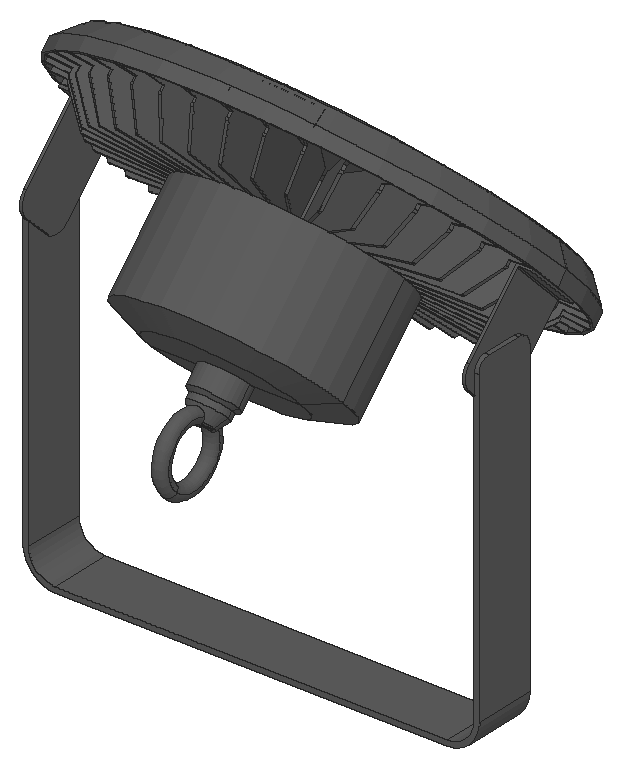
Revit family "0039350+0039353 Feilo Sylvania Lighting Fixture START HIGHBAY 6K 13KLM WIDE with BRACKET", category Lighting Fixtures, host Face, Revit 2017
Family settings
  Host = Face
  Round Connector Dimension = Use Diameter
  Part Type = Normal
  OmniClass Number = 23.80.70.00
  OmniClass Title = Lighting
  Cut with Voids When Loaded = No
  Light Source = No
  Shared = No
  Room Calculation Point = No
Parameters (values of type "0039350+0039353 START HIGHBAY 6K 13KLM WIDE with BRACKET     ")
  Weight = "3.0 kg"
  Wattage Comments = ""
  WarrantyStartDate [instance] = "n/a"
  WarrantyGuarantorParts = "n/a"
  WarrantyDurationUnit = "n/a"
  WarrantyDurationParts = "n/a"
  WarrantyDescription = "n/a"
  Voltage = 230 V
  URL = "http://www.sylvania-lighting.com"
  TypeName = "START HIGHBAY 6K 13KLM WIDE with BRACKET"
  TypeHead_FEILO = Start LED Highbay Head : 0039350+0039353 START HIGHBAY 6K 13KLM WIDE with BRACKET     
  Type Image = <None>
  Type Comments = "n/a"
  TiltAngle_FEILO [instance] = 45.00°
  ThicknessBracketPlate_FEILO = 3 mm
  SizeBracketS_FEILO = yes
  SizeBracketM_FEILO = no
  SerialNumber [instance] = "n/a"
  RadiusBracketTop_FEILO = 7 mm
  RadiusBendOut_FEILO = if(SizeBracketS_FEILO, 18 mm, if(SizeBracketM_FEILO, 24 mm, 28 mm))  # 18 mm
  RadiusBendIn_FEILO = RadiusBendOut_FEILO - ThicknessBracketPlate_FEILO  # 15 mm
  Material_3_FEILO = none
  PowerFactor = 0.95
  PowerConsumption = "100 W"
  NominalLength = 270 mm
  NominalHeight = 170 mm
  NominalDepth = 270 mm
  Name = "START HIGHBAY 6K 13KLM WIDE with BRACKET"
  ModelReference = Name  # "START HIGHBAY 6K 13KLM WIDE with BRACKET"
  ModelNumber = "0039350+0039353"
  Model = Name  # "START HIGHBAY 6K 13KLM WIDE with BRACKET"
  Material = "aluminium alloy housing, polycarbonate diffuser"
  ManufacturerName = "Feilo Sylvania"
  Manufacturer = "Feilo Sylvania"
  LuminousEfficacy = "130 lm/W"
  LuminaireType = ""
  LightOutputRatio = "n/a"
  LampsType = Lamp  # "LED"
  LampNominalLuminous = "13000 lm"
  LampMacAdamStep = "n/a"
  LampColourTemperature = "6500 K"
  LampColourRenderingIndex = "80"
  Lamp = "LED"
  Keynote = "16500"
  InstallationDate [instance] = "n/a"
  InputVoltage = "220-240V~"
  InputNominalFrequency = "50/60 Hz"
  IngressProtection = "IP65"
  ImpactProtectionIndex = "IK08"
  IfcExportType = "IfcLightFixtureType"
  IfcExportAs = "IfcLightFixtureType"
  ExpectedLife = 50000
  EndAngle_FEILO [instance] = TiltAngle_FEILO + 180.00°  # 225.00°
  ElectricShockClassification = "Class I"
  DurationUnit = "hours"
  DocumentationLiterature = "http://www.sylvania-lighting.com/product/en-int/products/0039350"
  DimmingControlOptions = "n/a"
  Material_2_FEILO = none
  Description = "START HIGHBAY, includes 1 m cables, black aluminium housing, 13000LM, 100W, 130lm/W, 6500K, Driver current: 2140mA, CR80, 60° beam angle, 1-10V dimmable,  IP65, IK08, 50,000 hrs (L70B50), (LxWxH) 270x270x170mm"
  Default Elevation = 1219.2 mm
  CreatedOn = "2/28/2018"
  CreatedBy = ""
  Cost = 0
  built-in parameter 1114216 [instance] = (empty or 0)
  ClassificationValue = "EF_70_80"
  ClassificationName = "Uniclass2015"
  Material_1_FEILO = Body-Sylvania-StartHighbay-Black
  BracketHeight_FEILO = if(SizeBracketS_FEILO, 199.5 mm, if(SizeBracketM_FEILO, 209.6 mm, 201.3 mm))  # 199.5 mm
  BracketDistanceInner_FEILO = if(SizeBracketS_FEILO, 249.4 mm, if(SizeBracketM_FEILO, 273.6 mm, 313.2 mm))  # 249.4 mm
  BarCode [instance] = "n/a"
  AssetType = "Fixed"
  AssetIdentifier [instance] = "n/a"
  Assembly Code = "D5020200"
  Apparent Load = 100 VA
  Material_4_FEILO = none
Reference planes
  plane 1 "Center (Front/Back)": y = 0
  plane 2: z = 0
  plane 3 "Center (Left/Right)": x = 0
  plane 4: x = -127.7
  plane 5: x = 127.7
  plane 6: z = 199.5
  plane 7: x = -124.7
  plane 8: z = 3
  plane 9: x = 124.7
  plane 10: y = 17.5
  plane 11: y = -17.5
  plane 12: y = -19.5
  plane 13: z = 201.5
  plane 14: y = 19.5
  plane 15: z = 190.5
Forms (mm)
  Extrusion 1, solid, material "Body-Sylvania-StartHighbay-Black" <- "Material_1_FEILO"
    sketch origin (0, 0, 0) x (1, 0, 0) y (0, 0, 1)
      loop
        line (-127.7, 199.5) -> (-127.7, 18)
        arc (-127.7, 18) -> (-122.428, 5.272) -> (-109.7, 0) r 18
        line (-109.7, 0) -> (109.7, 0)
        arc (109.7, 0) -> (122.428, 5.272) -> (127.7, 18) r 18
        line (127.7, 18) -> (127.7, 199.5) -> (124.7, 199.5) -> (124.7, 18)
        arc (124.7, 18) -> (120.307, 7.393) -> (109.7, 3) r 15
        line (109.7, 3) -> (-109.7, 3)
        arc (-109.7, 3) -> (-120.307, 7.393) -> (-124.7, 18) r 15
        line (-124.7, 18) -> (-124.7, 199.5) -> (-127.7, 199.5)
    from -17.5 to 17.5
  Extrusion 2, void
    sketch origin (0, 0, 0) x (0, 1, 0) y (0, 0, 1)
      loop
        arc (10.5, 199.5) -> (15.45, 197.45) -> (17.5, 192.5) r 7
        line (17.5, 192.5) -> (19.5, 192.5) -> (19.5, 201.5) -> (-19.5, 201.5) -> (-19.5, 192.5) -> (-17.5, 192.5)
        arc (-17.5, 192.5) -> (-15.45, 197.45) -> (-10.5, 199.5) r 7
        line (-10.5, 199.5) -> (10.5, 199.5)
    from -127.7 to 127.7
  Revolve 3, solid, not visible
    sketch origin (1223.4, -4572, 190.5) x (0, -1, 0) y (1, 0, 0)
      loop
        line (-4572, -1223.4) -> (-4591.5, -1223.4) -> (-4591.5, -1277.783) -> (-4572, -1277.783) -> (-4572, -1223.4)
      axis (-4572, -1223.4) -> (-4572, -1277.783)
    angle from 45 <- "TiltAngle_FEILO" to 225 <- "EndAngle_FEILO"
Cuts and joins
  Extrusion 2 cuts Extrusion 1
Dimensions and locks
  "BracketHeight_FEILO": plane 6 to plane 2
  equal spacing: plane 11, plane 1 "Center (Front/Back)", plane 10
  locked: plane 11 to plane 10 at 35
  equal spacing: plane 9, plane 3 "Center (Left/Right)", plane 7
  "BracketDistanceInner_FEILO": plane 9 to plane 7
  "ThicknessBracketPlate_FEILO": plane 7 to plane 4
  "ThicknessBracketPlate_FEILO": plane 8 to plane 2
  equal spacing: plane 5, plane 3 "Center (Left/Right)", plane 4
  equal spacing: plane 12, plane 1 "Center (Front/Back)", plane 14
  locked: plane 6 to plane 13 at 2
  locked: plane 12 to plane 11 at 2
  locked: plane 6 to plane 15 at 9
  "RadiusBendOut_FEILO": radius of Extrusion 1 sketch curve  (x2)
  "RadiusBendIn_FEILO": radius of Extrusion 1 sketch curve  (x2)
  "RadiusBracketTop_FEILO": radius of Extrusion 2 sketch curve  (x2)
  aligned and locked: plane 2 to host face
  aligned and locked: level to host face
  aligned and locked: Extrusion 1 sketch curve to plane 4
  aligned and locked: Extrusion 1 sketch curve to level
  aligned and locked: plane 6 to Extrusion 1 sketch curve
  aligned and locked: Extrusion 1 sketch curve to plane 6
  aligned and locked: Extrusion 1 sketch curve to plane 7
  aligned and locked: plane 9 to Extrusion 1 sketch curve
  aligned and locked: plane 8 to Extrusion 1 sketch curve
  aligned and locked: Extrusion 1 to plane 10
  aligned and locked: plane 11 to Extrusion 1
  aligned and locked: Extrusion 1 to Extrusion 2 sketch curve
  aligned and locked: plane 14 to Extrusion 2 sketch curve  (x2)
  aligned and locked: Extrusion 2 sketch curve to plane 12
  aligned and locked: plane 13 to Extrusion 2 sketch curve
  aligned and locked: plane 5 to Extrusion 2
  aligned and locked: Extrusion 2 to plane 4
  aligned and locked: Revolve 3 sketch curve to plane 1 "Center (Front/Back)"
  aligned and locked: Revolve 3 sketch curve to Revolve 3 sketch curve
  aligned and locked: plane 3 "Center (Left/Right)" to Revolve 3 sketch curve
  aligned and locked: Revolve 3 sketch curve to plane 14
  aligned and locked: nested 1 to plane 3 "Center (Left/Right)"
Automatic sketch dimensions
  host sketch curve to host sketch curve = 2438.4 mm  (x2)
  Revolve 3 sketch curve to Revolve 3 sketch curve = 54.383 mm
  Revolve 3 sketch curve to plane 4 = 1396.3 mm
  plane 5 to Revolve 3 sketch curve = 1396.3 mm
  Extrusion 1 sketch curve to Extrusion 1 sketch curve = 0 mm
  Extrusion 2 sketch curve to plane 11 = 0 mm
  Extrusion 2 sketch curve to plane 10 = 0 mm
Nested families
  nested 1: "Start LED Highbay Head" at (0, 0, 190.5) x (-1, 0, 0) z (0, 0.7071, 0.7071), type <- "TypeHead_FEILO", type "0039350+0039353 START HIGHBAY 6K 13KLM WIDE with BRACKET     "
    with built-in parameter 1114216 (empty or 0)
Connectors
  electrical at (0, 0, 0), driven by "Apparent Load", driven by "PowerFactor", driven by "Voltage"
    settings: index 1, voltage 230 V, apparent load 100 VA, apparent load phase1 0 VA, apparent load phase2 0 VA, apparent load phase3 0 VA, power factor 0.95, load classification "Lighting", number of poles 1, system type 30, power factor state 1, is connector primary yes, connector utility no, sub classification motor no, connector description ""
Definition of nested family "Start LED Highbay Head"
  Parameters (values of type "0039351+0039354+0039358 START HIGHBAY 6K 19KLM WIDE with BRACKET and PC LAMPSHADE TRANSPARENT ")
    X_FEILO = if(SizeS_FEILO, 60.3 mm, if(SizeM_FEILO, 70.4 mm, 83.5 mm))  # 70.4 mm
    WidthStraight_FEILO = if(SizeS_FEILO, 3 mm, if(SizeM_FEILO, 4 mm, 4.7 mm))  # 4 mm
    WidthRingChamfer_FEILO = if(SizeS_FEILO, 10.3 mm, if(SizeM_FEILO, 11.2 mm, 12.9 mm))  # 11.2 mm
    WidthCurved_FEILO = if(SizeS_FEILO, 17.4 mm, if(SizeM_FEILO, 16.4 mm, 26.2 mm))  # 16.4 mm
    WidthCurvedRing_FEILO = if(SizeS_FEILO, 3 mm, if(SizeM_FEILO, 4 mm, 4.7 mm))  # 4 mm
    WidthBracket_FEILO = 40 mm
    Wattage Comments = ""
    Wattage = 150 W
    built-in parameter 1150110 = 1 (stored number, unit not read)
    URL = "http://www.feilosylvania.com"
    Type Image = (empty or 0)
    Type Comments = "n/a"
    built-in parameter 1114217 = 1 (stored number, unit not read)
    Tilt Angle = -90.00°
    ThicknessWall_FEILO = 1.5 mm
    ThicknessBracket_FEILO = 1.5 mm
    ThicknessBracketHalf_FEILO = ThicknessBracket_FEILO / 2  # 0.75 mm
    built-in parameter 1150109 = 1 (stored number, unit not read)
    built-in parameter 1150134 = 1
    built-in parameter 1150113 = 1 (stored number, unit not read)
    SizeS_FEILO = no
    SizeM_FEILO = yes
    ShadeThickness_FEILO = 3 mm
    ShadeSizeSM_FEILO = or(SizeS_FEILO, SizeM_FEILO)  # yes
    ShadeRadiusOut_FEILO = 205 mm
    ShadeRadiusIn_FEILO = if(ShadeSizeSM_FEILO, 95 mm, 121 mm)  # 95 mm
    ShadeRadiusBend_FEILO = if(ShadeSizeSM_FEILO, 210 mm, 210 mm)  # 210 mm
    ShadeOn_FEILO = yes
    ShadeHeight_FEILO = if(ShadeSizeSM_FEILO, 120 mm, 151 mm)  # 120 mm
    Rib4_FEILO = if(SizeS_FEILO, 18.1 mm, if(SizeM_FEILO, 13.6 mm, 14.6 mm))  # 13.6 mm
    Rib3_FEILO = if(SizeS_FEILO, 15.3 mm, if(SizeM_FEILO, 17.6 mm, 20.2 mm))  # 17.6 mm
    Rib2_FEILO = if(SizeS_FEILO, 3.6 mm, if(SizeM_FEILO, 3.9 mm, 4.5 mm))  # 3.9 mm
    Rib1_FEILO = if(SizeS_FEILO, 15.1 mm, if(SizeM_FEILO, 16.5 mm, 19 mm))  # 16.5 mm
    RadiusDiffuser_FEILO = if(SizeS_FEILO, 95.2 mm, if(SizeM_FEILO, 105.3 mm, 120 mm))  # 105.3 mm
    RadiusArrayPost_FEILO = DriverRadius_FEILO - 6 mm  # 61.2 mm
    RHRadius3_FEILO = if(SizeS_FEILO, 6.6 mm, if(SizeM_FEILO, 7.4 mm, 8.6 mm))  # 7.4 mm
    RHRadius2_FEILO = if(SizeS_FEILO, 11 mm, if(SizeM_FEILO, 12 mm, 14 mm))  # 12 mm
    RHRadius1_FEILO = if(SizeS_FEILO, 13.6 mm, if(SizeM_FEILO, 14.9 mm, 17.7 mm))  # 14.9 mm
    RHHeight4_FEILO = if(SizeS_FEILO, 7.3 mm, if(SizeM_FEILO, 8 mm, 9.2 mm))  # 8 mm
    RHHeight3_FEILO = if(SizeS_FEILO, 3.6 mm, if(SizeM_FEILO, 3.7 mm, 4.6 mm))  # 3.7 mm
    RHHeight2_FEILO = if(SizeS_FEILO, 2 mm, if(SizeM_FEILO, 2.2 mm, 2.6 mm))  # 2.2 mm
    RHHeight1_FEILO = if(SizeS_FEILO, 11.8 mm, if(SizeM_FEILO, 15.3 mm, 17.4 mm))  # 15.3 mm
    Photometric Web File = "0039351+0039358.ies"
    Material_5_FEILO = none
    Material_3_FEILO = none
    Model = "START HIGHBAY 6K 19KLM WIDE with BRACKET and PC LAMPSHADE TRANSPARENT"
    Manufacturer = "Feilo Sylvania"
    built-in parameter 1150105 = 10854.2 (stored number, unit not read)
    Lumens = 19500 lm
    built-in parameter 1150115 = 1 (stored number, unit not read)
    built-in parameter 1150137 = (empty or 0)
    built-in parameter 1150139 = (empty or 0)
    built-in parameter 1150112 = 1 (stored number, unit not read)
    built-in parameter 1150114 = 1 (stored number, unit not read)
    Lamp = "LED"
    Keynote = "16500"
    built-in parameter 1150132 = (empty or 0)
    built-in parameter 1150102 = (empty or 0)
    built-in parameter 1150107 = 6500 (stored number, unit not read)
    built-in parameter 1150138 = (empty or 0)
    built-in parameter 1150106 = 108.54 (stored number, unit not read)
    HeightRing_FEILO = if(SizeS_FEILO, 19.8 mm, if(SizeM_FEILO, 32 mm, 36.8 mm))  # 32 mm
    HeightRingChamfer_FEILO = if(SizeS_FEILO, 11.7 mm, if(SizeM_FEILO, 23.2 mm, 26.6 mm))  # 23.2 mm
    EyeThickness_FEILO = if(SizeS_FEILO, 8.4 mm, if(SizeM_FEILO, 9.2 mm, 10.5 mm))  # 9.2 mm
    EyeThicknessHalf_FEILO = EyeThickness_FEILO / 2  # 4.6 mm
    EyeInner_FEILO = if(SizeS_FEILO, 13.8 mm, if(SizeM_FEILO, 15.1 mm, 17.3 mm))  # 15.1 mm
    Emit from Circle Diameter = RadiusDiffuser_FEILO * 2  # 210.6 mm
    Emit Shape Visible in Rendering = no
    built-in parameter 1150104 = 12.077 (stored number, unit not read)
    DriverVerticalStraight_FEILO = if(SizeS_FEILO, 46.5 mm, if(SizeM_FEILO, 49.7 mm, 57 mm))  # 49.7 mm
    DriverVerticalChamfer_FEILO = if(SizeS_FEILO, 7.5 mm, if(SizeM_FEILO, 8.2 mm, 9.5 mm))  # 8.2 mm
    DriverRadius_FEILO = if(SizeS_FEILO, 61.4 mm, if(SizeM_FEILO, 67.2 mm, 76.4 mm))  # 67.2 mm
    DriverRadiusTop_FEILO = if(SizeS_FEILO, 42 mm, if(SizeM_FEILO, 45.3 mm, 52.4 mm))  # 45.3 mm
    DriverBottom_FEILO = if(SizeS_FEILO, 56 mm, if(SizeM_FEILO, 64.5 mm, 74 mm))  # 64.5 mm
    Material_2_FEILO = none
    Radius_FEILO = if(SizeS_FEILO, 135 mm, if(SizeM_FEILO, 148 mm, 169.5 mm))  # 148 mm
    Dimming Lamp Color Temperature Shift = (empty or 0)
    DiameterWire_FEILO = 3 mm
    DiameterWireSupport_FEILO = 10 mm
    Description = "START HIGHBAY, includes 1 m cables, black aluminium housing, 19500LM, 150W, 130lm/W, 6500K, Driver current: 2140mA, CR80, 60° beam angle, 1-10V dimmable,  IP65, IK08, 50,000 hrs (L70B50), (LxWxH) 296x296x177mm"
    Default Elevation = 1219.2 mm
    Cost = 0
    Color Filter = 16777215
    built-in parameter 1114216 [instance] = (empty or 0)
    Material_1_FEILO = none
    built-in parameter 1114218 = 1 (stored number, unit not read)
    built-in parameter 1150133 = 10 (stored number, unit not read)
    Assembly Code = "D5020200"
    Apparent Load = 150 VA
    Material_4_FEILO = none
  Types (36, lengths in mm): name | X_FEILO | WidthStraight_FEILO | WidthRingChamfer_FEILO | WidthCurved_FEILO | WidthCurvedRing_FEILO | Wattage | built-in parameter 1150134 | SizeS_FEILO | SizeM_FEILO | ShadeSizeSM_FEILO | ShadeRadiusIn_FEILO | ShadeOn_FEILO | ShadeHeight_FEILO | Rib4_FEILO | Rib3_FEILO | Rib2_FEILO | Rib1_FEILO | RadiusDiffuser_FEILO | RadiusArrayPost_FEILO | RHRadius3_FEILO | RHRadius2_FEILO | RHRadius1_FEILO | RHHeight4_FEILO | RHHeight3_FEILO | RHHeight2_FEILO | RHHeight1_FEILO | Photometric Web File | Model | built-in parameter 1150105 | Lumens | built-in parameter 1150107 | built-in parameter 1150106 | HeightRing_FEILO | HeightRingChamfer_FEILO | EyeThickness_FEILO | EyeThicknessHalf_FEILO | EyeInner_FEILO | Emit from Circle Diameter | DriverVerticalStraight_FEILO | DriverVerticalChamfer_FEILO | DriverRadius_FEILO | DriverRadiusTop_FEILO | DriverBottom_FEILO | Radius_FEILO | Description | Apparent Load
    0039352+0039355+0039361 START HIGHBAY 6K 26KLM WIDE with BRACKET and PC LAMPSHADE TRANSPARENT | 83.5 | 4.7 | 12.9 | 26.2 | 4.7 | 200 W | 1 | no | no | no | 121 | yes | 151 | 14.6 | 20.2 | 4.5 | 19 | 120 | 70.4 | 8.6 | 14 | 17.7 | 9.2 | 4.6 | 2.6 | 17.4 | "0039352+0039361.ies" | "START HIGHBAY 6K 26KLM WIDE with BRACKET and PC LAMPSHADE TRANSPARENT" | 17911 (stored number, unit not read) | 26000 lm | 6500 (stored number, unit not read) | 179.11 (stored number, unit not read) | 36.8 | 26.6 | 10.5 | 5.25 | 17.3 | 240 | 57 | 9.5 | 76.4 | 52.4 | 74 | 169.5 | "START HIGHBAY, includes 1 m cables, black aluminium housing, 26000LM, 200W, 130lm/W, 6500K, Driver current: 5000mA, CR80, 60° beam angle, 1-10V dimmable,  IP65, IK08, 50,000 hrs (L70B50), (LxWxH) 339x339x194mm" | 200 VA
    0039352+0039355+0039360 START HIGHBAY 6K 26KLM WIDE with BRACKET and ALU SHADE BLACK COLOR | 83.5 | 4.7 | 12.9 | 26.2 | 4.7 | 200 W | 1 | no | no | no | 121 | yes | 151 | 14.6 | 20.2 | 4.5 | 19 | 120 | 70.4 | 8.6 | 14 | 17.7 | 9.2 | 4.6 | 2.6 | 17.4 | "0039352+0039360.ies" | "START HIGHBAY 6K 26KLM WIDE with BRACKET and ALU SHADE BLACK COLOR" | 14870 (stored number, unit not read) | 26000 lm | 6500 (stored number, unit not read) | 148.7 (stored number, unit not read) | 36.8 | 26.6 | 10.5 | 5.25 | 17.3 | 240 | 57 | 9.5 | 76.4 | 52.4 | 74 | 169.5 | "START HIGHBAY, includes 1 m cables, black aluminium housing, 26000LM, 200W, 130lm/W, 6500K, Driver current: 5000mA, CR80, 60° beam angle, 1-10V dimmable,  IP65, IK08, 50,000 hrs (L70B50), (LxWxH) 339x339x194mm" | 200 VA
    0039352+0039355+0039359 START HIGHBAY 6K 26KLM WIDE with BRACKET and ALU SHADE ALU COLOR | 83.5 | 4.7 | 12.9 | 26.2 | 4.7 | 200 W | 1 | no | no | no | 121 | yes | 151 | 14.6 | 20.2 | 4.5 | 19 | 120 | 70.4 | 8.6 | 14 | 17.7 | 9.2 | 4.6 | 2.6 | 17.4 | "0039352+0039359.ies" | "START HIGHBAY 6K 26KLM WIDE with BRACKET and ALU SHADE ALU COLOR" | 14870 (stored number, unit not read) | 26000 lm | 6500 (stored number, unit not read) | 148.7 (stored number, unit not read) | 36.8 | 26.6 | 10.5 | 5.25 | 17.3 | 240 | 57 | 9.5 | 76.4 | 52.4 | 74 | 169.5 | "START HIGHBAY, includes 1 m cables, black aluminium housing, 26000LM, 200W, 130lm/W, 6500K, Driver current: 5000mA, CR80, 60° beam angle, 1-10V dimmable,  IP65, IK08, 50,000 hrs (L70B50), (LxWxH) 339x339x194mm" | 200 VA
    0039352+0039355 START HIGHBAY 6K 26KLM WIDE with BRACKET | 83.5 | 4.7 | 12.9 | 26.2 | 4.7 | 200 W | 1 | no | no | no | 121 | no | 151 | 14.6 | 20.2 | 4.5 | 19 | 120 | 70.4 | 8.6 | 14 | 17.7 | 9.2 | 4.6 | 2.6 | 17.4 | "0039352.ies" | "START HIGHBAY 6K 26KLM WIDE with BRACKET" | 13836.2 (stored number, unit not read) | 26000 lm | 6500 (stored number, unit not read) | 138.36 (stored number, unit not read) | 36.8 | 26.6 | 10.5 | 5.25 | 17.3 | 240 | 57 | 9.5 | 76.4 | 52.4 | 74 | 169.5 | "START HIGHBAY, includes 1 m cables, black aluminium housing, 26000LM, 200W, 130lm/W, 6500K, Driver current: 5000mA, CR80, 60° beam angle, 1-10V dimmable,  IP65, IK08, 50,000 hrs (L70B50), (LxWxH) 339x339x194mm" | 200 VA
    0039351+0039354+0039358 START HIGHBAY 6K 19KLM WIDE with BRACKET and PC LAMPSHADE TRANSPARENT | 70.4 | 4 | 11.2 | 16.4 | 4 | 150 W | 1 | no | yes | yes | 95 | yes | 120 | 13.6 | 17.6 | 3.9 | 16.5 | 105.3 | 61.2 | 7.4 | 12 | 14.9 | 8 | 3.7 | 2.2 | 15.3 | "0039351+0039358.ies" | "START HIGHBAY 6K 19KLM WIDE with BRACKET and PC LAMPSHADE TRANSPARENT" | 10854.2 (stored number, unit not read) | 19500 lm | 6500 (stored number, unit not read) | 108.54 (stored number, unit not read) | 32 | 23.2 | 9.2 | 4.6 | 15.1 | 210.6 | 49.7 | 8.2 | 67.2 | 45.3 | 64.5 | 148 | "START HIGHBAY, includes 1 m cables, black aluminium housing, 19500LM, 150W, 130lm/W, 6500K, Driver current: 2140mA, CR80, 60° beam angle, 1-10V dimmable,  IP65, IK08, 50,000 hrs (L70B50), (LxWxH) 296x296x177mm" | 150 VA
    0039351+0039354+0039357 START HIGHBAY 6K 19KLM WIDE with BRACKET and ALU SHADE BLACK COLOR | 70.4 | 4 | 11.2 | 16.4 | 4 | 150 W | 1 | no | yes | yes | 95 | yes | 120 | 13.6 | 17.6 | 3.9 | 16.5 | 105.3 | 61.2 | 7.4 | 12 | 14.9 | 8 | 3.7 | 2.2 | 15.3 | "0039351+0039357.ies" | "START HIGHBAY 6K 19KLM WIDE with BRACKET and ALU SHADE BLACK COLOR" | 11152.5 (stored number, unit not read) | 19500 lm | 6500 (stored number, unit not read) | 111.52 (stored number, unit not read) | 32 | 23.2 | 9.2 | 4.6 | 15.1 | 210.6 | 49.7 | 8.2 | 67.2 | 45.3 | 64.5 | 148 | "START HIGHBAY, includes 1 m cables, black aluminium housing, 19500LM, 150W, 130lm/W, 6500K, Driver current: 2140mA, CR80, 60° beam angle, 1-10V dimmable,  IP65, IK08, 50,000 hrs (L70B50), (LxWxH) 296x296x177mm" | 150 VA
    0039351+0039354+0039356 START HIGHBAY 6K 19KLM WIDE with BRACKET and ALU SHADE ALU COLOR | 70.4 | 4 | 11.2 | 16.4 | 4 | 150 W | 1 | no | yes | yes | 95 | yes | 120 | 13.6 | 17.6 | 3.9 | 16.5 | 105.3 | 61.2 | 7.4 | 12 | 14.9 | 8 | 3.7 | 2.2 | 15.3 | "0039351+0039356.ies" | "START HIGHBAY 6K 19KLM WIDE with BRACKET and ALU SHADE ALU COLOR" | 11152.5 (stored number, unit not read) | 19500 lm | 6500 (stored number, unit not read) | 111.52 (stored number, unit not read) | 32 | 23.2 | 9.2 | 4.6 | 15.1 | 210.6 | 49.7 | 8.2 | 67.2 | 45.3 | 64.5 | 148 | "START HIGHBAY, includes 1 m cables, black aluminium housing, 19500LM, 150W, 130lm/W, 6500K, Driver current: 2140mA, CR80, 60° beam angle, 1-10V dimmable,  IP65, IK08, 50,000 hrs (L70B50), (LxWxH) 296x296x177mm" | 150 VA
    0039351+0039354 START HIGHBAY 6K 19KLM WIDE with BRACKET | 70.4 | 4 | 11.2 | 16.4 | 4 | 150 W | 1 | no | yes | yes | 95 | no | 120 | 13.6 | 17.6 | 3.9 | 16.5 | 105.3 | 61.2 | 7.4 | 12 | 14.9 | 8 | 3.7 | 2.2 | 15.3 | "0039351.ies" | "START HIGHBAY 6K 19KLM WIDE with BRACKET" | 10377.1 (stored number, unit not read) | 19500 lm | 6500 (stored number, unit not read) | 103.77 (stored number, unit not read) | 32 | 23.2 | 9.2 | 4.6 | 15.1 | 210.6 | 49.7 | 8.2 | 67.2 | 45.3 | 64.5 | 148 | "START HIGHBAY, includes 1 m cables, black aluminium housing, 19500LM, 150W, 130lm/W, 6500K, Driver current: 2140mA, CR80, 60° beam angle, 1-10V dimmable,  IP65, IK08, 50,000 hrs (L70B50), (LxWxH) 296x296x177mm" | 150 VA
    0039350+0039353+0039358 START HIGHBAY 6K 13KLM WIDE with BRACKET and PC LAMPSHADE TRANSPARENT | 60.3 | 3 | 10.3 | 17.4 | 3 | 100 W | 1 | yes | no | yes | 95 | yes | 120 | 18.1 | 15.3 | 3.6 | 15.1 | 95.2 | 55.4 | 6.6 | 11 | 13.6 | 7.3 | 3.6 | 2 | 11.8 | "0039350+0039358.ies" | "START HIGHBAY 6K 13KLM WIDE with BRACKET and PC LAMPSHADE TRANSPARENT" | 7236.1 (stored number, unit not read) | 13000 lm | 6500 (stored number, unit not read) | 72.361 (stored number, unit not read) | 19.8 | 11.7 | 8.4 | 4.2 | 13.8 | 190.4 | 46.5 | 7.5 | 61.4 | 42 | 56 | 135 | "START HIGHBAY, includes 1 m cables, black aluminium housing, 13000LM, 100W, 130lm/W, 6500K, Driver current: 2140mA, CR80, 60° beam angle, 1-10V dimmable,  IP65, IK08, 50,000 hrs (L70B50), (LxWxH) 270x270x170mm" | 100 VA
    0039350+0039353+0039357 START HIGHBAY 6K 13KLM WIDE with BRACKET and ALU SHADE BLACK COLOR | 60.3 | 3 | 10.3 | 17.4 | 3 | 100 W | 1 | yes | no | yes | 95 | yes | 120 | 18.1 | 15.3 | 3.6 | 15.1 | 95.2 | 55.4 | 6.6 | 11 | 13.6 | 7.3 | 3.6 | 2 | 11.8 | "0039350+0039357.ies" | "START HIGHBAY 6K 13KLM WIDE with BRACKET and ALU SHADE BLACK COLOR" | 7435 (stored number, unit not read) | 13000 lm | 6500 (stored number, unit not read) | 74.35 (stored number, unit not read) | 19.8 | 11.7 | 8.4 | 4.2 | 13.8 | 190.4 | 46.5 | 7.5 | 61.4 | 42 | 56 | 135 | "START HIGHBAY, includes 1 m cables, black aluminium housing, 13000LM, 100W, 130lm/W, 6500K, Driver current: 2140mA, CR80, 60° beam angle, 1-10V dimmable,  IP65, IK08, 50,000 hrs (L70B50), (LxWxH) 270x270x170mm" | 100 VA
    0039350+0039353+0039356 START HIGHBAY 6K 13KLM WIDE with BRACKET and ALU SHADE ALU COLOR | 60.3 | 3 | 10.3 | 17.4 | 3 | 100 W | 1 | yes | no | yes | 95 | yes | 120 | 18.1 | 15.3 | 3.6 | 15.1 | 95.2 | 55.4 | 6.6 | 11 | 13.6 | 7.3 | 3.6 | 2 | 11.8 | "0039350+0039356.ies" | "START HIGHBAY 6K 13KLM WIDE with BRACKET and ALU SHADE ALU COLOR" | 7435 (stored number, unit not read) | 13000 lm | 6500 (stored number, unit not read) | 74.35 (stored number, unit not read) | 19.8 | 11.7 | 8.4 | 4.2 | 13.8 | 190.4 | 46.5 | 7.5 | 61.4 | 42 | 56 | 135 | "START HIGHBAY, includes 1 m cables, black aluminium housing, 13000LM, 100W, 130lm/W, 6500K, Driver current: 2140mA, CR80, 60° beam angle, 1-10V dimmable,  IP65, IK08, 50,000 hrs (L70B50), (LxWxH) 270x270x170mm" | 100 VA
    0039350+0039353 START HIGHBAY 6K 13KLM WIDE with BRACKET | 60.3 | 3 | 10.3 | 17.4 | 3 | 100 W | 1 | yes | no | yes | 95 | no | 120 | 18.1 | 15.3 | 3.6 | 15.1 | 95.2 | 55.4 | 6.6 | 11 | 13.6 | 7.3 | 3.6 | 2 | 11.8 | "0039350.ies" | "START HIGHBAY 6K 13KLM WIDE with BRACKET" | 6918.1 (stored number, unit not read) | 13000 lm | 6500 (stored number, unit not read) | 69.181 (stored number, unit not read) | 19.8 | 11.7 | 8.4 | 4.2 | 13.8 | 190.4 | 46.5 | 7.5 | 61.4 | 42 | 56 | 135 | "START HIGHBAY, includes 1 m cables, black aluminium housing, 13000LM, 100W, 130lm/W, 6500K, Driver current: 2140mA, CR80, 60° beam angle, 1-10V dimmable,  IP65, IK08, 50,000 hrs (L70B50), (LxWxH) 270x270x170mm" | 100 VA
    0039349+0039355+0039361 START HIGHBAY 4K 26KLM WIDE with BRACKET and PC LAMPSHADE TRANSPARENT FOR | 83.5 | 4.7 | 12.9 | 26.2 | 4.7 | 200 W | 12 | no | no | no | 121 | yes | 151 | 14.6 | 20.2 | 4.5 | 19 | 120 | 70.4 | 8.6 | 14 | 17.7 | 9.2 | 4.6 | 2.6 | 17.4 | "0039349+0039361.ies" | "START HIGHBAY 4K 26KLM WIDE with BRACKET and PC LAMPSHADE TRANSPARENT FOR" | 17911 (stored number, unit not read) | 26000 lm | 4000 (stored number, unit not read) | 179.11 (stored number, unit not read) | 36.8 | 26.6 | 10.5 | 5.25 | 17.3 | 240 | 57 | 9.5 | 76.4 | 52.4 | 74 | 169.5 | "START HIGHBAY, includes 1 m cables, black aluminium housing, 26000LM, 200W, 130lm/W, 4000K, Driver current: 5000mA, CR80, 90° beam angle, 1-10V dimmable,  IP65, IK08, 50,000 hrs (L70B50), (LxWxH) 339x339x194mm" | 200 VA
    0039349+0039355+0039360 START HIGHBAY 4K 26KLM WIDE with BRACKET and ALU SHADE BLACK COLOR | 83.5 | 4.7 | 12.9 | 26.2 | 4.7 | 200 W | 12 | no | no | no | 121 | yes | 151 | 14.6 | 20.2 | 4.5 | 19 | 120 | 70.4 | 8.6 | 14 | 17.7 | 9.2 | 4.6 | 2.6 | 17.4 | "0039349+0039360.ies" | "START HIGHBAY 4K 26KLM WIDE with BRACKET and ALU SHADE BLACK COLOR" | 14870 (stored number, unit not read) | 26000 lm | 4000 (stored number, unit not read) | 148.7 (stored number, unit not read) | 36.8 | 26.6 | 10.5 | 5.25 | 17.3 | 240 | 57 | 9.5 | 76.4 | 52.4 | 74 | 169.5 | "START HIGHBAY, includes 1 m cables, black aluminium housing, 26000LM, 200W, 130lm/W, 4000K, Driver current: 5000mA, CR80, 90° beam angle, 1-10V dimmable,  IP65, IK08, 50,000 hrs (L70B50), (LxWxH) 339x339x194mm" | 200 VA
    0039349+0039355+0039359 START HIGHBAY 4K 26KLM WIDE with BRACKET and ALU SHADE ALU COLOR | 83.5 | 4.7 | 12.9 | 26.2 | 4.7 | 200 W | 12 | no | no | no | 121 | yes | 151 | 14.6 | 20.2 | 4.5 | 19 | 120 | 70.4 | 8.6 | 14 | 17.7 | 9.2 | 4.6 | 2.6 | 17.4 | "0039349+0039359.ies" | "START HIGHBAY 4K 26KLM WIDE with BRACKET and ALU SHADE ALU COLOR" | 14870 (stored number, unit not read) | 26000 lm | 4000 (stored number, unit not read) | 148.7 (stored number, unit not read) | 36.8 | 26.6 | 10.5 | 5.25 | 17.3 | 240 | 57 | 9.5 | 76.4 | 52.4 | 74 | 169.5 | "START HIGHBAY, includes 1 m cables, black aluminium housing, 26000LM, 200W, 130lm/W, 4000K, Driver current: 5000mA, CR80, 90° beam angle, 1-10V dimmable,  IP65, IK08, 50,000 hrs (L70B50), (LxWxH) 339x339x194mm" | 200 VA
    0039349+0039355 START HIGHBAY 4K 26KLM WIDE with BRACKET | 83.5 | 4.7 | 12.9 | 26.2 | 4.7 | 200 W | 12 | no | no | no | 121 | no | 151 | 14.6 | 20.2 | 4.5 | 19 | 120 | 70.4 | 8.6 | 14 | 17.7 | 9.2 | 4.6 | 2.6 | 17.4 | "0039349.ies" | "START HIGHBAY 4K 26KLM WIDE with BRACKET" | 13836.2 (stored number, unit not read) | 26000 lm | 4000 (stored number, unit not read) | 138.36 (stored number, unit not read) | 36.8 | 26.6 | 10.5 | 5.25 | 17.3 | 240 | 57 | 9.5 | 76.4 | 52.4 | 74 | 169.5 | "START HIGHBAY, includes 1 m cables, black aluminium housing, 26000LM, 200W, 130lm/W, 4000K, Driver current: 5000mA, CR80, 90° beam angle, 1-10V dimmable,  IP65, IK08, 50,000 hrs (L70B50), (LxWxH) 339x339x194mm" | 200 VA
    0039348+0039354+0039358 START HIGHBAY 4K 19KLM WIDE with BRACKET and PC LAMPSHADE TRANSPARENT | 70.4 | 4 | 11.2 | 16.4 | 4 | 150 W | 12 | no | yes | yes | 95 | yes | 120 | 13.6 | 17.6 | 3.9 | 16.5 | 105.3 | 61.2 | 7.4 | 12 | 14.9 | 8 | 3.7 | 2.2 | 15.3 | "0039348+0039358.ies" | "START HIGHBAY 4K 19KLM WIDE with BRACKET and PC LAMPSHADE TRANSPARENT" | 10854.2 (stored number, unit not read) | 19500 lm | 4000 (stored number, unit not read) | 108.54 (stored number, unit not read) | 32 | 23.2 | 9.2 | 4.6 | 15.1 | 210.6 | 49.7 | 8.2 | 67.2 | 45.3 | 64.5 | 148 | "START HIGHBAY, includes 1 m cables, black aluminium housing, 19500LM, 150W, 130lm/W, 4000K, Driver current: 3210mA, CR80, 90° beam angle, 1-10V dimmable,  IP65, IK08, 50,000 hrs (L70B50), (LxWxH) 296x296x177mm" | 150 VA
    0039348+0039354+0039357 START HIGHBAY 4K 19KLM WIDE with BRACKET and ALU SHADE BLACK COLOR | 70.4 | 4 | 11.2 | 16.4 | 4 | 150 W | 12 | no | yes | yes | 95 | yes | 120 | 13.6 | 17.6 | 3.9 | 16.5 | 105.3 | 61.2 | 7.4 | 12 | 14.9 | 8 | 3.7 | 2.2 | 15.3 | "0039348+0039357.ies" | "START HIGHBAY 4K 19KLM WIDE with BRACKET and ALU SHADE BLACK COLOR" | 11152.5 (stored number, unit not read) | 19500 lm | 4000 (stored number, unit not read) | 111.52 (stored number, unit not read) | 32 | 23.2 | 9.2 | 4.6 | 15.1 | 210.6 | 49.7 | 8.2 | 67.2 | 45.3 | 64.5 | 148 | "START HIGHBAY, includes 1 m cables, black aluminium housing, 19500LM, 150W, 130lm/W, 4000K, Driver current: 3210mA, CR80, 90° beam angle, 1-10V dimmable,  IP65, IK08, 50,000 hrs (L70B50), (LxWxH) 296x296x177mm" | 150 VA
    0039348+0039354+0039356 START HIGHBAY 4K 19KLM WIDE with BRACKET and ALU SHADE ALU COLOR | 70.4 | 4 | 11.2 | 16.4 | 4 | 150 W | 12 | no | yes | yes | 95 | yes | 120 | 13.6 | 17.6 | 3.9 | 16.5 | 105.3 | 61.2 | 7.4 | 12 | 14.9 | 8 | 3.7 | 2.2 | 15.3 | "0039348+0039356.ies" | "START HIGHBAY 4K 19KLM WIDE with BRACKET and ALU SHADE ALU COLOR" | 11152.5 (stored number, unit not read) | 19500 lm | 4000 (stored number, unit not read) | 111.52 (stored number, unit not read) | 32 | 23.2 | 9.2 | 4.6 | 15.1 | 210.6 | 49.7 | 8.2 | 67.2 | 45.3 | 64.5 | 148 | "START HIGHBAY, includes 1 m cables, black aluminium housing, 19500LM, 150W, 130lm/W, 4000K, Driver current: 3210mA, CR80, 90° beam angle, 1-10V dimmable,  IP65, IK08, 50,000 hrs (L70B50), (LxWxH) 296x296x177mm" | 150 VA
    0039348+0039354 START HIGHBAY 4K 19KLM WIDE with BRACKET | 70.4 | 4 | 11.2 | 16.4 | 4 | 150 W | 12 | no | yes | yes | 95 | no | 120 | 13.6 | 17.6 | 3.9 | 16.5 | 105.3 | 61.2 | 7.4 | 12 | 14.9 | 8 | 3.7 | 2.2 | 15.3 | "0039348.ies" | "START HIGHBAY 4K 19KLM WIDE with BRACKET" | 10377.1 (stored number, unit not read) | 19500 lm | 4000 (stored number, unit not read) | 103.77 (stored number, unit not read) | 32 | 23.2 | 9.2 | 4.6 | 15.1 | 210.6 | 49.7 | 8.2 | 67.2 | 45.3 | 64.5 | 148 | "START HIGHBAY, includes 1 m cables, black aluminium housing, 19500LM, 150W, 130lm/W, 4000K, Driver current: 3210mA, CR80, 90° beam angle, 1-10V dimmable,  IP65, IK08, 50,000 hrs (L70B50), (LxWxH) 296x296x177mm" | 150 VA
    0039347+0039353+0039358 START HIGHBAY 4K 13KLM WIDE with BRACKET and PC LAMPSHADE TRANSPARENT | 60.3 | 3 | 10.3 | 17.4 | 3 | 100 W | 12 | yes | no | yes | 95 | yes | 120 | 18.1 | 15.3 | 3.6 | 15.1 | 95.2 | 55.4 | 6.6 | 11 | 13.6 | 7.3 | 3.6 | 2 | 11.8 | "0039347+0039358.ies" | "START HIGHBAY 4K 13KLM WIDE with BRACKET and PC LAMPSHADE TRANSPARENT" | 7236.1 (stored number, unit not read) | 13000 lm | 4000 (stored number, unit not read) | 72.361 (stored number, unit not read) | 19.8 | 11.7 | 8.4 | 4.2 | 13.8 | 190.4 | 46.5 | 7.5 | 61.4 | 42 | 56 | 135 | "START HIGHBAY, includes 1 m cables, black aluminium housing, 13000LM, 100W, 130lm/W, 4000K, Driver current: 2140mA, CR80, 90° beam angle, 1-10V dimmable,  IP65, IK08, 50,000 hrs (L70B50), (LxWxH) 270x270x170mm" | 100 VA
    0039347+0039353+0039357 START HIGHBAY 4K 13KLM WIDE with BRACKET and ALU SHADE BLACK COLOR | 60.3 | 3 | 10.3 | 17.4 | 3 | 100 W | 12 | yes | no | yes | 95 | yes | 120 | 18.1 | 15.3 | 3.6 | 15.1 | 95.2 | 55.4 | 6.6 | 11 | 13.6 | 7.3 | 3.6 | 2 | 11.8 | "0039347+0039357.ies" | "START HIGHBAY 4K 13KLM WIDE with BRACKET and ALU SHADE BLACK COLOR" | 7435 (stored number, unit not read) | 13000 lm | 4000 (stored number, unit not read) | 74.35 (stored number, unit not read) | 19.8 | 11.7 | 8.4 | 4.2 | 13.8 | 190.4 | 46.5 | 7.5 | 61.4 | 42 | 56 | 135 | "START HIGHBAY, includes 1 m cables, black aluminium housing, 13000LM, 100W, 130lm/W, 4000K, Driver current: 2140mA, CR80, 90° beam angle, 1-10V dimmable,  IP65, IK08, 50,000 hrs (L70B50), (LxWxH) 270x270x170mm" | 100 VA
    0039347+0039353+0039356 START HIGHBAY 4K 13KLM WIDE with BRACKET and ALU SHADE ALU COLOR | 60.3 | 3 | 10.3 | 17.4 | 3 | 100 W | 12 | yes | no | yes | 95 | yes | 120 | 18.1 | 15.3 | 3.6 | 15.1 | 95.2 | 55.4 | 6.6 | 11 | 13.6 | 7.3 | 3.6 | 2 | 11.8 | "0039347+0039356.ies" | "START HIGHBAY 4K 13KLM WIDE with BRACKET and ALU SHADE ALU COLOR" | 7435 (stored number, unit not read) | 13000 lm | 4000 (stored number, unit not read) | 74.35 (stored number, unit not read) | 19.8 | 11.7 | 8.4 | 4.2 | 13.8 | 190.4 | 46.5 | 7.5 | 61.4 | 42 | 56 | 135 | "START HIGHBAY, includes 1 m cables, black aluminium housing, 13000LM, 100W, 130lm/W, 4000K, Driver current: 2140mA, CR80, 90° beam angle, 1-10V dimmable,  IP65, IK08, 50,000 hrs (L70B50), (LxWxH) 270x270x170mm" | 100 VA
    0039347+0039353 START HIGHBAY 4K 13KLM WIDE with BRACKET | 60.3 | 3 | 10.3 | 17.4 | 3 | 100 W | 12 | yes | no | yes | 95 | no | 120 | 18.1 | 15.3 | 3.6 | 15.1 | 95.2 | 55.4 | 6.6 | 11 | 13.6 | 7.3 | 3.6 | 2 | 11.8 | "0039347.ies" | "START HIGHBAY 4K 13KLM WIDE with BRACKET" | 6918.1 (stored number, unit not read) | 13000 lm | 4000 (stored number, unit not read) | 69.181 (stored number, unit not read) | 19.8 | 11.7 | 8.4 | 4.2 | 13.8 | 190.4 | 46.5 | 7.5 | 61.4 | 42 | 56 | 135 | "START HIGHBAY, includes 1 m cables, black aluminium housing, 13000LM, 100W, 130lm/W, 4000K, Driver current: 2140mA, CR80, 90° beam angle, 1-10V dimmable,  IP65, IK08, 50,000 hrs (L70B50), (LxWxH) 270x270x170mm" | 100 VA
    0039346+0039355+0039361 START HIGHBAY 4K 26KLM MEDIUM with BRACKET and PC LAMPSHADE TRANSPARENT | 83.5 | 4.7 | 12.9 | 26.2 | 4.7 | 200 W | 12 | no | no | no | 121 | yes | 151 | 14.6 | 20.2 | 4.5 | 19 | 120 | 70.4 | 8.6 | 14 | 17.7 | 9.2 | 4.6 | 2.6 | 17.4 | "0039346+0039361.ies" | "START HIGHBAY 4K 26KLM MEDIUM with BRACKET and PC LAMPSHADE TRANSPARENT" | 35142.4 (stored number, unit not read) | 26000 lm | 4000 (stored number, unit not read) | 351.42 (stored number, unit not read) | 36.8 | 26.6 | 10.5 | 5.25 | 17.3 | 240 | 57 | 9.5 | 76.4 | 52.4 | 74 | 169.5 | "START HIGHBAY, includes 1 m cables, black aluminium housing, 26000LM, 200W, 130lm/W, 4000K, Driver current: 5000mA, CR80, 60° beam angle, 1-10V dimmable,  IP65, IK08, 50,000 hrs (L70B50), (LxWxH) 339x339x194mm" | 200 VA
    0039346+0039355+0039360 START HIGHBAY 4K 26KLM MEDIUM with BRACKET and ALU SHADE BLACK COLOR | 83.5 | 4.7 | 12.9 | 26.2 | 4.7 | 200 W | 12 | no | no | no | 121 | yes | 151 | 14.6 | 20.2 | 4.5 | 19 | 120 | 70.4 | 8.6 | 14 | 17.7 | 9.2 | 4.6 | 2.6 | 17.4 | "0039346+0039360.ies" | "START HIGHBAY 4K 26KLM MEDIUM with BRACKET and ALU SHADE BLACK COLOR" | 35336 (stored number, unit not read) | 26000 lm | 4000 (stored number, unit not read) | 353.36 (stored number, unit not read) | 36.8 | 26.6 | 10.5 | 5.25 | 17.3 | 240 | 57 | 9.5 | 76.4 | 52.4 | 74 | 169.5 | "START HIGHBAY, includes 1 m cables, black aluminium housing, 26000LM, 200W, 130lm/W, 4000K, Driver current: 5000mA, CR80, 60° beam angle, 1-10V dimmable,  IP65, IK08, 50,000 hrs (L70B50), (LxWxH) 339x339x194mm" | 200 VA
    0039346+0039355+0039359 START HIGHBAY 4K 26KLM MEDIUM with BRACKET and ALU SHADE ALU COLOR | 83.5 | 4.7 | 12.9 | 26.2 | 4.7 | 200 W | 12 | no | no | no | 121 | yes | 151 | 14.6 | 20.2 | 4.5 | 19 | 120 | 70.4 | 8.6 | 14 | 17.7 | 9.2 | 4.6 | 2.6 | 17.4 | "0039346+0039359.ies" | "START HIGHBAY 4K 26KLM MEDIUM with BRACKET and ALU SHADE ALU COLOR" | 35336 (stored number, unit not read) | 26000 lm | 4000 (stored number, unit not read) | 353.36 (stored number, unit not read) | 36.8 | 26.6 | 10.5 | 5.25 | 17.3 | 240 | 57 | 9.5 | 76.4 | 52.4 | 74 | 169.5 | "START HIGHBAY, includes 1 m cables, black aluminium housing, 26000LM, 200W, 130lm/W, 4000K, Driver current: 5000mA, CR80, 60° beam angle, 1-10V dimmable,  IP65, IK08, 50,000 hrs (L70B50), (LxWxH) 339x339x194mm" | 200 VA
    0039346+0039355 START HIGHBAY 4K 26KLM MEDIUM with BRACKET | 83.5 | 4.7 | 12.9 | 26.2 | 4.7 | 200 W | 12 | no | no | no | 121 | no | 151 | 14.6 | 20.2 | 4.5 | 19 | 120 | 70.4 | 8.6 | 14 | 17.7 | 9.2 | 4.6 | 2.6 | 17.4 | "0039346.ies" | "START HIGHBAY 4K 26KLM MEDIUM with BRACKET" | 32161 (stored number, unit not read) | 26000 lm | 4000 (stored number, unit not read) | 321.61 (stored number, unit not read) | 36.8 | 26.6 | 10.5 | 5.25 | 17.3 | 240 | 57 | 9.5 | 76.4 | 52.4 | 74 | 169.5 | "START HIGHBAY, includes 1 m cables, black aluminium housing, 26000LM, 200W, 130lm/W, 4000K, Driver current: 5000mA, CR80, 60° beam angle, 1-10V dimmable,  IP65, IK08, 50,000 hrs (L70B50), (LxWxH) 339x339x194mm" | 200 VA
    0039345+0039354+0039358 START HIGHBAY 4K 19KLM MEDIUM with BRACKET and PC LAMPSHADE TRANSPARENT | 70.4 | 4 | 11.2 | 16.4 | 4 | 150 W | 12 | no | yes | yes | 95 | yes | 120 | 13.6 | 17.6 | 3.9 | 16.5 | 105.3 | 61.2 | 7.4 | 12 | 14.9 | 8 | 3.7 | 2.2 | 15.3 | "0039345+0039358.ies" | "START HIGHBAY 4K 19KLM MEDIUM with BRACKET and PC LAMPSHADE TRANSPARENT" | 24535.9 (stored number, unit not read) | 19500 lm | 4000 (stored number, unit not read) | 245.36 (stored number, unit not read) | 32 | 23.2 | 9.2 | 4.6 | 15.1 | 210.6 | 49.7 | 8.2 | 67.2 | 45.3 | 64.5 | 148 | "START HIGHBAY, includes 1 m cables, black aluminium housing, 19500LM, 150W, 130lm/W, 4000K, Driver current: 3210mA, CR80, 60° beam angle, 1-10V dimmable,  IP65, IK08, 50,000 hrs (L70B50), (LxWxH) 296x296x177mm" | 150 VA
    0039345+0039354+0039357 START HIGHBAY 4K 19KLM MEDIUM with BRACKET and ALU SHADE BLACK COLOR | 70.4 | 4 | 11.2 | 16.4 | 4 | 150 W | 12 | no | yes | yes | 95 | yes | 120 | 13.6 | 17.6 | 3.9 | 16.5 | 105.3 | 61.2 | 7.4 | 12 | 14.9 | 8 | 3.7 | 2.2 | 15.3 | "0039345+0039357.ies" | "START HIGHBAY 4K 19KLM MEDIUM with BRACKET and ALU SHADE BLACK COLOR" | 26502 (stored number, unit not read) | 19500 lm | 4000 (stored number, unit not read) | 265.02 (stored number, unit not read) | 32 | 23.2 | 9.2 | 4.6 | 15.1 | 210.6 | 49.7 | 8.2 | 67.2 | 45.3 | 64.5 | 148 | "START HIGHBAY, includes 1 m cables, black aluminium housing, 19500LM, 150W, 130lm/W, 4000K, Driver current: 3210mA, CR80, 60° beam angle, 1-10V dimmable,  IP65, IK08, 50,000 hrs (L70B50), (LxWxH) 296x296x177mm" | 150 VA
    0039345+0039354+0039356 START HIGHBAY 4K 19KLM MEDIUM with BRACKET and ALU SHADE ALU COLOR | 70.4 | 4 | 11.2 | 16.4 | 4 | 150 W | 12 | no | yes | yes | 95 | yes | 120 | 13.6 | 17.6 | 3.9 | 16.5 | 105.3 | 61.2 | 7.4 | 12 | 14.9 | 8 | 3.7 | 2.2 | 15.3 | "0039345+0039356.ies" | "START HIGHBAY 4K 19KLM MEDIUM with BRACKET and ALU SHADE ALU COLOR" | 26502 (stored number, unit not read) | 19500 lm | 4000 (stored number, unit not read) | 265.02 (stored number, unit not read) | 32 | 23.2 | 9.2 | 4.6 | 15.1 | 210.6 | 49.7 | 8.2 | 67.2 | 45.3 | 64.5 | 148 | "START HIGHBAY, includes 1 m cables, black aluminium housing, 19500LM, 150W, 130lm/W, 4000K, Driver current: 3210mA, CR80, 60° beam angle, 1-10V dimmable,  IP65, IK08, 50,000 hrs (L70B50), (LxWxH) 296x296x177mm" | 150 VA
    0039345+0039354 START HIGHBAY 4K 19KLM MEDIUM with BRACKET | 70.4 | 4 | 11.2 | 16.4 | 4 | 150 W | 12 | no | yes | yes | 95 | no | 120 | 13.6 | 17.6 | 3.9 | 16.5 | 105.3 | 61.2 | 7.4 | 12 | 14.9 | 8 | 3.7 | 2.2 | 15.3 | "0039345.ies" | "START HIGHBAY 4K 19KLM MEDIUM with BRACKET" | 24120.8 (stored number, unit not read) | 19500 lm | 4000 (stored number, unit not read) | 241.21 (stored number, unit not read) | 32 | 23.2 | 9.2 | 4.6 | 15.1 | 210.6 | 49.7 | 8.2 | 67.2 | 45.3 | 64.5 | 148 | "START HIGHBAY, includes 1 m cables, black aluminium housing, 19500LM, 150W, 130lm/W, 4000K, Driver current: 3210mA, CR80, 60° beam angle, 1-10V dimmable,  IP65, IK08, 50,000 hrs (L70B50), (LxWxH) 296x296x177mm" | 150 VA
    0039344+0039353+0039358 START HIGHBAY 4K 13KLM MEDIUM with BRACKET and PC LAMPSHADE TRANSPARENT | 60.3 | 3 | 10.3 | 17.4 | 3 | 100 W | 12 | yes | no | yes | 95 | yes | 120 | 18.1 | 15.3 | 3.6 | 15.1 | 95.2 | 55.4 | 6.6 | 11 | 13.6 | 7.3 | 3.6 | 2 | 11.8 | "0039344+0039358.ies" | "START HIGHBAY 4K 13KLM MEDIUM with BRACKET and PC LAMPSHADE TRANSPARENT" | 17571.2 (stored number, unit not read) | 13000 lm | 4000 (stored number, unit not read) | 175.71 (stored number, unit not read) | 19.8 | 11.7 | 8.4 | 4.2 | 13.8 | 190.4 | 46.5 | 7.5 | 61.4 | 42 | 56 | 135 | "START HIGHBAY, includes 1 m cables, black aluminium housing, 13000LM, 100W, 130lm/W, 4000K, Driver current: 2140mA, CR80, 60° beam angle, 1-10V dimmable,  IP65, IK08, 50,000 hrs (L70B50), (LxWxH) 270x270x170mm" | 100 VA
    0039344+0039353+0039357 START HIGHBAY 4K 13KLM MEDIUM with BRACKET and ALU SHADE BLACK COLOR | 60.3 | 3 | 10.3 | 17.4 | 3 | 100 W | 12 | yes | no | yes | 95 | yes | 120 | 18.1 | 15.3 | 3.6 | 15.1 | 95.2 | 55.4 | 6.6 | 11 | 13.6 | 7.3 | 3.6 | 2 | 11.8 | "0039344+0039357.ies" | "START HIGHBAY 4K 13KLM MEDIUM with BRACKET and ALU SHADE BLACK COLOR" | 17668 (stored number, unit not read) | 13000 lm | 4000 (stored number, unit not read) | 176.68 (stored number, unit not read) | 19.8 | 11.7 | 8.4 | 4.2 | 13.8 | 190.4 | 46.5 | 7.5 | 61.4 | 42 | 56 | 135 | "START HIGHBAY, includes 1 m cables, black aluminium housing, 13000LM, 100W, 130lm/W, 4000K, Driver current: 2140mA, CR80, 60° beam angle, 1-10V dimmable,  IP65, IK08, 50,000 hrs (L70B50), (LxWxH) 270x270x170mm" | 100 VA
    0039344+0039353+0039356 START HIGHBAY 4K 13KLM MEDIUM with BRACKET and ALU SHADE ALU COLOR | 60.3 | 3 | 10.3 | 17.4 | 3 | 100 W | 12 | yes | no | yes | 95 | yes | 120 | 18.1 | 15.3 | 3.6 | 15.1 | 95.2 | 55.4 | 6.6 | 11 | 13.6 | 7.3 | 3.6 | 2 | 11.8 | "0039344+0039356.ies" | "START HIGHBAY 4K 13KLM MEDIUM with BRACKET and ALU SHADE ALU COLOR" | 17668 (stored number, unit not read) | 13000 lm | 4000 (stored number, unit not read) | 176.68 (stored number, unit not read) | 19.8 | 11.7 | 8.4 | 4.2 | 13.8 | 190.4 | 46.5 | 7.5 | 61.4 | 42 | 56 | 135 | "START HIGHBAY, includes 1 m cables, black aluminium housing, 13000LM, 100W, 130lm/W, 4000K, Driver current: 2140mA, CR80, 60° beam angle, 1-10V dimmable,  IP65, IK08, 50,000 hrs (L70B50), (LxWxH) 270x270x170mm" | 100 VA
    0039344+0039353 START HIGHBAY 4K 13KLM MEDIUM with BRACKET | 60.3 | 3 | 10.3 | 17.4 | 3 | 100 W | 12 | yes | no | yes | 95 | no | 120 | 18.1 | 15.3 | 3.6 | 15.1 | 95.2 | 55.4 | 6.6 | 11 | 13.6 | 7.3 | 3.6 | 2 | 11.8 | "0039344.ies" | "START HIGHBAY 4K 13KLM MEDIUM with BRACKET" | 16080.5 (stored number, unit not read) | 13000 lm | 4000 (stored number, unit not read) | 160.81 (stored number, unit not read) | 19.8 | 11.7 | 8.4 | 4.2 | 13.8 | 190.4 | 46.5 | 7.5 | 61.4 | 42 | 56 | 135 | "START HIGHBAY, includes 1 m cables, black aluminium housing, 13000LM, 100W, 130lm/W, 4000K, Driver current: 2140mA, CR80, 60° beam angle, 1-10V dimmable,  IP65, IK08, 50,000 hrs (L70B50), (LxWxH) 270x270x170mm" | 100 VA
  Reference planes
    plane 1 "Center (Front/Back)": y = 0
    plane 2: z = 0
    plane 3 "Center (Left/Right)": x = 0
    plane 4: z = 70.4
    plane 5: x = -148
    plane 6: x = -136.8
    plane 7: z = 47.2
    plane 8: z = 38.4
    plane 9: x = -132.8
    plane 10: z = 67.775
    plane 11: x = -116.4
    plane 12: x = -105.3
    plane 13: x = -128.8
    plane 14: z = 68.775
    plane 15: z = 66.775
    plane 16: x = -102.3
    plane 17: z = 65.775
    plane 18: x = -146.5
    plane 19: x = -131.5
    plane 20: z = 34.5
    plane 21: x = -113.9
    plane 22: z = 20.9
    plane 23: x = -20
    plane 24: z = 5.9
    plane 25: x = -67.2
    plane 26: z = -43.8
    plane 27: x = -45.3
    plane 28: z = -52
    plane 29: x = -14.9
    plane 30: z = -67.3
    plane 31: z = -69.5
    plane 32: x = -12
    plane 33: z = -73.2
    plane 34: z = -81.2
    plane 35: x = -7.4
    plane 36: z = -96.3
    plane 37: z = -111.4
    plane 38: x = 4.6
    plane 39: x = -4.6
    plane 40: z = -120.6
    plane 41: z = -116
    plane 42: x = -141.65
    plane 43: x = -145.5
    plane 44: z = 36.9
    plane 45: x = -135.3
    plane 46: z = -18.95
    plane 47: y = -20
    plane 48: y = 20
    plane 49: x = 148
    plane 50: x = 136.8
    plane 51: x = 146.5
    plane 52: x = 141.65
    plane 53: x = 145.5
    plane 54: x = 135.3
    plane 55: x = -205
    plane 56: z = 190.4
    plane 57: x = -95
    plane 58: x = -87
    plane 59: x = -202
    plane 60: z = 73.4
  Forms (mm)
    Extrusion 1, solid
      sketch origin (4.2, 0, 0) x (1, 0, 0) y (0, 1, 0)
        loop
          line (-1219.2, 1219.2) -> (-1219.2, -1219.2) -> (1219.2, -1219.2) -> (1219.2, 1219.2) -> (-1219.2, 1219.2)
      from 0 to -68.017
    Revolve 2, solid, material <- "Material_1_FEILO", detail levels medium+fine
      sketch origin (0, 0, 0) x (1, 0, 0) y (0, 0, 1)
        loop
          line (-148, 38.4) -> (-146.5, 38.4) -> (-146.5, 46.857) -> (-136.402, 67.775) -> (-128.8, 67.775) -> (-128.8, 69.259)
          arc (-128.8, 69.259) -> (-130.811, 69.79) -> (-132.8, 70.4) r 52.543
          line (-132.8, 70.4) -> (-136.341, 70.4)
          arc (-136.341, 70.4) -> (-136.831, 70.225) -> (-137.099, 69.78) r 0.774
          line (-137.099, 69.78) -> (-148, 47.2) -> (-148, 38.4)
        axis (0, 70.4) -> (0, 38.4)
      angle from 360 to 0
    Revolve 3, solid, material <- "Material_1_FEILO", detail levels medium+fine
      sketch origin (0, 0, 0) x (1, 0, 0) y (0, 0, 1)
        loop
          line (-116.4, 65.775) -> (-105.3, 65.775) -> (-105.3, 47.2) -> (0, 47.2) -> (0, 65.775) -> (-102.3, 65.775) -> (-102.3, 66.775) -> (-105.3, 66.775) -> (-105.3, 67.775) -> (-116.4, 67.775) -> (-116.4, 65.775)
        axis (0, 67.775) -> (0, 47.2)
      angle from 360 to 0
    Revolve 4, solid, material <- "Material_2_FEILO", detail levels medium+fine
      sketch origin (0, 0, 0) x (1, 0, 0) y (0, 0, 1)
        loop
          line (-105.3, 66.775) -> (0, 66.775) -> (0, 68.775) -> (-105.3, 68.775) -> (-105.3, 66.775)
        axis (0, 68.775) -> (0, 66.775)
      angle from 360 to 0
    Revolve 5, solid, material <- "Material_1_FEILO"
      sketch origin (0, 0, 0) x (1, 0, 0) y (0, 0, 1)
        loop
          line (-67.2, 20.9) -> (-67.2, -43.8) -> (-45.3, -52) -> (-14.9, -52) -> (-14.9, -67.3) -> (-12, -69.5) -> (-12, -73.2) -> (-7.837, -80.474)
          arc (-7.837, -80.474) -> (-7.29, -81.006) -> (-6.553, -81.2) r 1.5
          line (-6.553, -81.2) -> (0, -81.2) -> (0, 20.9) -> (-67.2, 20.9)
        axis (0, 20.9) -> (0, -81.2)
      angle from 360 to 0
    Revolve 6, solid, material <- "Material_1_FEILO"
      sketch origin (0, 0, 0) x (1, 0, 0) y (0, 0, 1)
        loop
          circle (0, -116) r 4.6
        axis (4.6, -96.3) -> (-4.6, -96.3)
      angle from 360 to 0
    Extrusion 7, solid, material <- "Material_1_FEILO"
      sketch origin (0, 0, 0) x (1, 0, 0) y (0, 0, 1)
        loop
          line (-145.5, 38.4) -> (-145.5, 36.9) -> (-137.55, 36.9)
          arc (-137.55, 36.9) -> (-137.02, 36.68) -> (-136.8, 36.15) r 0.75
          line (-136.8, 36.15) -> (-136.8, -18.95) -> (-135.3, -18.95) -> (-135.3, 36.9)
          arc (-135.3, 36.9) -> (-135.739, 37.961) -> (-136.8, 38.4) r 1.5
          line (-136.8, 38.4) -> (-145.5, 38.4)
        loop
          line (145.5, 38.4) -> (136.8, 38.4)
          arc (136.8, 38.4) -> (135.739, 37.961) -> (135.3, 36.9) r 1.5
          line (135.3, 36.9) -> (135.3, -18.95) -> (136.8, -18.95) -> (136.8, 36.15)
          arc (136.8, 36.15) -> (137.02, 36.68) -> (137.55, 36.9) r 0.75
          line (137.55, 36.9) -> (145.5, 36.9) -> (145.5, 38.4)
      from -20 to 20
    Extrusion 8, void
      sketch origin (0, 0, 0) x (0, 1, 0) y (0, 0, 1)
        loop
          arc (-10, -18.95) -> (-17.071, -16.021) -> (-20, -8.95) r 10
          line (-20, -8.95) -> (-25, -8.95) -> (-25, -23.95) -> (-10, -23.95) -> (-10, -18.95)
        loop
          line (10, -18.95) -> (10, -23.95) -> (25, -23.95) -> (25, -8.95) -> (20, -8.95)
          arc (20, -8.95) -> (17.071, -16.021) -> (10, -18.95) r 10
      from -136.8 to 136.8
    Revolve 9, solid, material <- "Material_1_FEILO", detail levels coarse
      sketch origin (0, 0, 0) x (1, 0, 0) y (0, 0, 1)
        loop
          line (0, 70.4) -> (-136.8, 70.4) -> (-148, 47.2) -> (-148, 38.4) -> (-131.5, 38.4) -> (-131.5, 34.5) -> (-113.9, 20.9) -> (0, 20.9) -> (0, 70.4)
        axis (0, 70.4) -> (0, 20.9)
      angle from 360 to 0
    Revolve 10, solid, material <- "Material_4_FEILO", visible <- "ShadeOn_FEILO"
      sketch origin (0, 0, 0) x (1, 0, 0) y (0, 0, 1)
        loop
          line (-95, 70.4) -> (-87, 70.4) -> (-87, 73.4) -> (-94.341, 73.4)
          arc (-94.341, 73.4) -> (-159.747, 121.18) -> (-201.81, 190.4) r 207
          line (-201.81, 190.4) -> (-205, 190.4)
          arc (-205, 190.4) -> (-162.101, 119.308) -> (-95, 70.4) r 210
        axis (0, 190.4) -> (0, 70.4)
      angle from 360 to 0
  Cuts and joins
    Extrusion 8 cuts Extrusion 7
  Lines and regions (mm)
    reference lines
      curve 1: line (-148, 0, 47.2) -> (-136.8, 0, 70.4)
      curve 2: line (-116.4, 0, 67.775) -> (0, 0, 67.775)
      curve 3: arc (-116.4, 0, 67.775) -> (-124.704, 0, 68.435) -> (-132.8, 0, 70.4) r 52.543
      curve 4: line (-136.8, 0, 70.4) -> (-132.8, 0, 70.4)
      curve 5: line (-136.402, 0, 67.775) -> (-146.5, 0, 46.857)
      curve 6: line (-131.5, 0, 34.5) -> (-113.9, 0, 20.9)
      curve 7: line (-12, 0, -73.2) -> (-7.4, 0, -81.2)
      curve 8: circle (0, 0, -116) r 4.6 normal (0, -1, 0)
      curve 9: arc (-95, 0, 70.4) -> (-162.101, 0, 119.308) -> (-205, 0, 190.4) r 210
  Dimensions and locks
    "Radius_FEILO": plane 3 "Center (Left/Right)" to plane 5
    "WidthRingChamfer_FEILO": plane 6 to plane 5
    "WidthStraight_FEILO": plane 9 to plane 6
    "WidthCurvedRing_FEILO": plane 13 to plane 9
    locked: plane 10 to plane 15 at 1
    locked: plane 14 to plane 10 at 1
    locked: plane 4 to plane 10 at 2.625
    locked: plane 15 to plane 17 at 1
    "ThicknessWall_FEILO": plane 18 to plane 5
    "ThicknessWall_FEILO": curve 5 to curve 1
    "HeightRingChamfer_FEILO": plane 4 to plane 7
    "HeightRing_FEILO": plane 4 to plane 8
    "RadiusDiffuser_FEILO": plane 3 "Center (Left/Right)" to plane 12
    locked: plane 16 to plane 12 at 3
    "WidthCurved_FEILO": plane 11 to plane 9
    "X_FEILO": plane 4 to plane 2
    "Rib1_FEILO": plane 19 to plane 5
    "Rib2_FEILO": plane 8 to plane 20
    "Rib3_FEILO": plane 21 to plane 19
    "Rib4_FEILO": plane 20 to plane 22
    locked: plane 3 "Center (Left/Right)" to plane 23 at 20
    "DriverBottom_FEILO": plane 4 to plane 24
    "DriverRadius_FEILO": plane 3 "Center (Left/Right)" to plane 25
    "DriverVerticalStraight_FEILO": plane 24 to plane 26
    "DriverRadiusTop_FEILO": plane 3 "Center (Left/Right)" to plane 27
    "DriverVerticalChamfer_FEILO": plane 26 to plane 28
    "RHRadius1_FEILO": plane 3 "Center (Left/Right)" to plane 29
    "RHHeight2_FEILO": plane 30 to plane 31
    "RHRadius2_FEILO": plane 3 "Center (Left/Right)" to plane 32
    "RHHeight3_FEILO": plane 31 to plane 33
    "RHHeight4_FEILO": plane 33 to plane 34
    "RHRadius3_FEILO": plane 3 "Center (Left/Right)" to plane 35
    "RHHeight1_FEILO": plane 28 to plane 30
    "EyeInner_FEILO": plane 34 to plane 36
    "EyeInner_FEILO": plane 36 to plane 37
